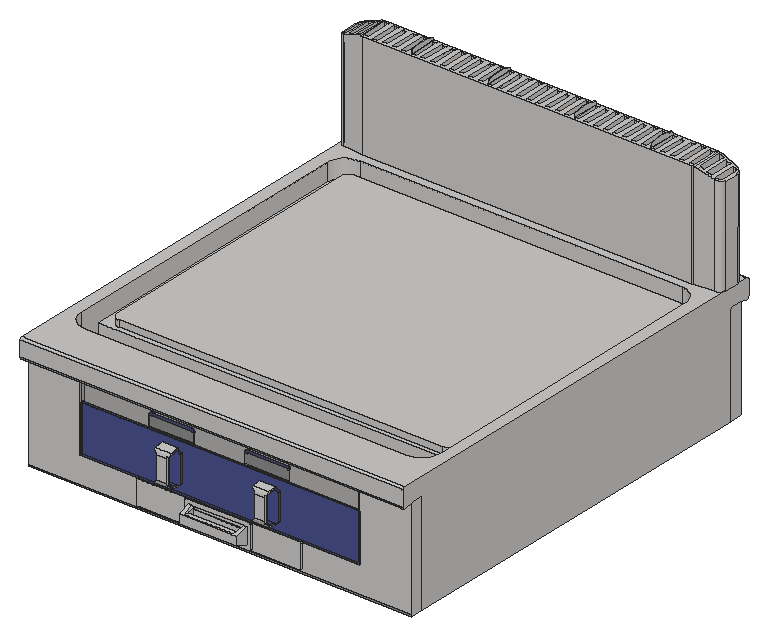
Revit family "QF_ELECTROLUXPROFESSIONAL_589094_MCHMAAHOPO", category Specialty Equipment, Revit 2018 (continued)
Definition of nested family "GG_900_Backsplash for 800 fryer"
  Automatic sketch dimensions
    Extrusion 39 sketch curve to Extrusion 39 sketch curve = 0 mm  (x2)
    Extrusion 39 sketch curve to plane 6 = 0.419 mm
    Extrusion 39 sketch curve to plane 6 = 12.894 mm
    Extrusion 39 sketch curve to Extrusion 39 sketch curve = 10.482 mm
    Extrusion 39 sketch curve to Extrusion 39 sketch curve = 0.775 mm
    Extrusion 39 sketch curve to Extrusion 39 sketch curve = 0.056 mm
    Extrusion 39 sketch curve to Extrusion 39 sketch curve = 4 mm
    level to Extrusion 39 sketch curve = 1058.216 mm
    Extrusion 39 sketch curve to Extrusion 39 sketch curve = 49.354 mm
    Extrusion 39 sketch curve to Extrusion 39 sketch curve = 3.029 mm  (x2)
    Extrusion 39 sketch curve to Extrusion 39 sketch curve = 0.001 mm  (x4)
    Extrusion 39 sketch curve to Extrusion 39 sketch curve = 2.392 mm
    Extrusion 40 sketch curve to Extrusion 40 sketch curve = 0 mm  (x3)
    plane 4 to Extrusion 40 sketch curve = 152.48 mm
    Extrusion 40 sketch curve to Extrusion 40 sketch curve = 1 mm  (x2)
    Extrusion 40 sketch curve to Extrusion 40 sketch curve = 0.732 mm
    level to Extrusion 40 sketch curve = 1106.571 mm
    plane 6 to Extrusion 41 sketch curve = 26.484 mm
    Extrusion 41 sketch curve to Extrusion 41 sketch curve = 3.168 mm
    Extrusion 41 sketch curve to Extrusion 41 sketch curve = 0.003 mm
    Extrusion 41 sketch curve to Extrusion 41 sketch curve = 0.832 mm
    Extrusion 41 sketch curve to Extrusion 41 sketch curve = 11.257 mm
    Extrusion 41 sketch curve to Extrusion 41 sketch curve = 0 mm  (x2)
    Extrusion 41 sketch curve to plane 6 = 0.419 mm
    Extrusion 41 sketch curve to plane 6 = 12.894 mm
    Extrusion 41 sketch curve to Extrusion 41 sketch curve = 10.482 mm
    Extrusion 41 sketch curve to Extrusion 41 sketch curve = 0.775 mm
    Extrusion 41 sketch curve to Extrusion 41 sketch curve = 0.056 mm
    Extrusion 41 sketch curve to Extrusion 41 sketch curve = 4 mm
    level to Extrusion 41 sketch curve = 1058.216 mm
    Extrusion 41 sketch curve to Extrusion 41 sketch curve = 49.354 mm
    Extrusion 41 sketch curve to Extrusion 41 sketch curve = 3.029 mm  (x2)
    Extrusion 41 sketch curve to Extrusion 41 sketch curve = 0.001 mm  (x4)
    Extrusion 41 sketch curve to Extrusion 41 sketch curve = 2.392 mm
    Extrusion 42 sketch curve to Extrusion 42 sketch curve = 0 mm  (x3)
    Extrusion 42 sketch curve to plane 3 "Center (Left/Right)" = 87.373 mm
    Extrusion 42 sketch curve to Extrusion 42 sketch curve = 1 mm  (x2)
    Extrusion 42 sketch curve to Extrusion 42 sketch curve = 0.732 mm
    level to Extrusion 42 sketch curve = 1106.571 mm
    plane 6 to Extrusion 43 sketch curve = 26.484 mm
    Extrusion 43 sketch curve to Extrusion 43 sketch curve = 3.168 mm
    Extrusion 43 sketch curve to Extrusion 43 sketch curve = 0.003 mm
    Extrusion 43 sketch curve to Extrusion 43 sketch curve = 0.832 mm
    Extrusion 43 sketch curve to Extrusion 43 sketch curve = 11.257 mm
    Extrusion 43 sketch curve to Extrusion 43 sketch curve = 0 mm  (x2)
    Extrusion 43 sketch curve to plane 6 = 0.419 mm
    Extrusion 43 sketch curve to plane 6 = 12.894 mm
    Extrusion 43 sketch curve to Extrusion 43 sketch curve = 10.482 mm
    Extrusion 43 sketch curve to Extrusion 43 sketch curve = 0.775 mm
    Extrusion 43 sketch curve to Extrusion 43 sketch curve = 0.056 mm
    Extrusion 43 sketch curve to Extrusion 43 sketch curve = 4 mm
    level to Extrusion 43 sketch curve = 1058.216 mm
    Extrusion 43 sketch curve to Extrusion 43 sketch curve = 49.354 mm
    Extrusion 43 sketch curve to Extrusion 43 sketch curve = 3.029 mm  (x2)
    Extrusion 43 sketch curve to Extrusion 43 sketch curve = 0.001 mm  (x4)
    Extrusion 43 sketch curve to Extrusion 43 sketch curve = 2.392 mm
    Extrusion 44 sketch curve to Extrusion 44 sketch curve = 0 mm  (x3)
    Extrusion 44 sketch curve to plane 5 = 145 mm
    Extrusion 44 sketch curve to Extrusion 44 sketch curve = 1 mm  (x2)
    Extrusion 44 sketch curve to Extrusion 44 sketch curve = 0.732 mm
    level to Extrusion 44 sketch curve = 1107.571 mm
    plane 6 to Extrusion 45 sketch curve = 26.484 mm
    Extrusion 45 sketch curve to Extrusion 45 sketch curve = 3.168 mm
    Extrusion 45 sketch curve to Extrusion 45 sketch curve = 0.003 mm
    Extrusion 45 sketch curve to Extrusion 45 sketch curve = 0.832 mm
    Extrusion 45 sketch curve to Extrusion 45 sketch curve = 11.257 mm
    Extrusion 45 sketch curve to Extrusion 45 sketch curve = 0 mm  (x2)
    Extrusion 45 sketch curve to plane 6 = 0.419 mm
    Extrusion 45 sketch curve to plane 6 = 12.894 mm
    Extrusion 45 sketch curve to Extrusion 45 sketch curve = 10.482 mm
    Extrusion 45 sketch curve to Extrusion 45 sketch curve = 0.775 mm
    Extrusion 45 sketch curve to Extrusion 45 sketch curve = 0.056 mm
    Extrusion 45 sketch curve to Extrusion 45 sketch curve = 4 mm
    level to Extrusion 45 sketch curve = 1058.216 mm
    Extrusion 45 sketch curve to Extrusion 45 sketch curve = 49.354 mm
    Extrusion 45 sketch curve to Extrusion 45 sketch curve = 3.029 mm  (x2)
    Extrusion 45 sketch curve to Extrusion 45 sketch curve = 0.001 mm  (x4)
    Extrusion 45 sketch curve to Extrusion 45 sketch curve = 2.392 mm
    Extrusion 46 sketch curve to Extrusion 46 sketch curve = 0 mm  (x3)
    plane 3 "Center (Left/Right)" to Extrusion 46 sketch curve = 94.792 mm
    Extrusion 46 sketch curve to Extrusion 46 sketch curve = 1 mm  (x2)
    Extrusion 46 sketch curve to Extrusion 46 sketch curve = 0.732 mm
    level to Extrusion 46 sketch curve = 1107.571 mm
    curve 15 to plane 5 = 0 mm
    plane 6 to curve 6 = 32.954 mm
    curve 17 to plane 4 = 0 mm
    plane 4 to curve 16 = 0.886 mm
    plane 4 to curve 2 = 11.608 mm
    plane 4 to curve 7 = 11.608 mm
    curve 5 to curve 6 = 58.231 mm
    plane 1 "Center (Front/Back)" to curve 1 = 5.039 mm
    curve 3 to curve 1 = 58.231 mm
    curve 8 to plane 5 = 70.951 mm
    curve 1 to curve 6 = 0 mm
    curve 12 to plane 5 = 12.72 mm
    curve 8 to plane 5 = 12.72 mm
    curve 15 to plane 5 = 1.998 mm
    curve 14 to curve 9 = 1.998 mm
    plane 4 to curve 17 = 0.886 mm
    curve 3 to curve 3 = 11.746 mm
    curve 5 to curve 5 = 11.746 mm
    curve 11 to curve 11 = 11.746 mm
    curve 10 to curve 10 = 11.746 mm
    plane 6 to curve 7 = 27.86 mm
    plane 6 to curve 8 = 27.86 mm
    plane 6 to curve 15 = 15.407 mm
    curve 14 to plane 6 = 15.407 mm
    curve 4 to plane 6 = 15.407 mm
    plane 1 "Center (Front/Back)" to curve 2 = 10.134 mm
    plane 1 "Center (Front/Back)" to curve 12 = 10.134 mm
    plane 6 to curve 17 = 15.407 mm
